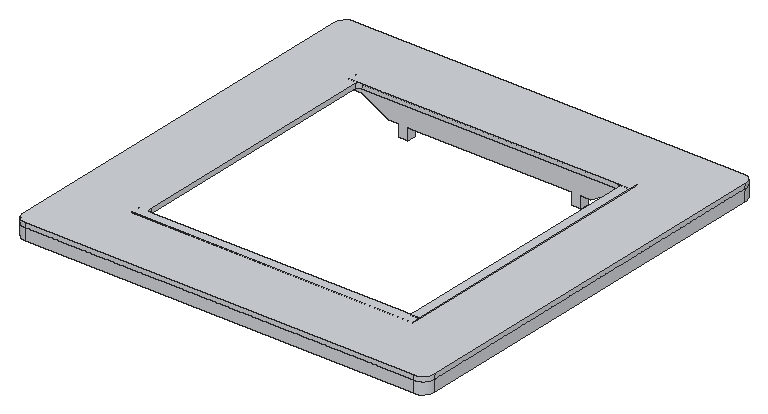
Revit family "Gira_0211235", category Electrical Fixtures, host Face, Revit 2017
Family settings
  Host = Face
  Maintain Annotation Orientation = No
  Round Connector Dimension = Use Diameter
  Part Type = Normal
  Cut with Voids When Loaded = No
  Shared = No
  Room Calculation Point = No
Parameters (values of type "Abdeckrahmen 1f flach Gira E2 Anthrazit")
  Werkstoffgüte = "Thermoplast"
  Werkstoff = "Kunststoff"
  URL = "http://katalog.gira.de/de_DE/datenblatt.html?artikelnr=0211235"
  Transparent = "No"
  Textfeld/Beschriftungsfläche = "No"
  Schutzart (IP) = "IP20"
  Region = "DE"
  Oberfläche = "sonstige"
  Name = "Abdeckrahmen 1f flach Gira E2 Anthrazit"
  Montagerichtung = "horizontal und vertikal"
  Mit Montagerahmen = "No"
  Mit Klappdeckel = "No"
  Manufacturer URL = "https://www.gira.de/"
  Keynote = "E2flach_Rahmen_1fach.stp"
  HeinzeBIM = "https://bimportal.heinze.de/bim/abdeckrahmen-1f-flach-gira-e2-anthrazit/1079c2d752d069c78f8dac03ca772b8203fa82d8"
  Halogenfrei = "Yes"
  HAN = "0211235"
  Geeignet für Unterputz-Installation = "Yes"
  Geeignet für Unterflurkanaldose = "No"
  Geeignet für Geräteeinbaukanal = "No"
  Geeignet für Einbauinstallation = "No"
  GTIN = "4010337021278"
  Farbe = "anthrazit"
  Default Elevation = 1219.2 mm
  Data sheet (1) = "https://katalog.gira.de/de_DE/download.html?artikelnr=0211235"
  Category = "Abdeckrahmen"
  Befestigungsart = "Klemmbefestigung"
  Available = "Yes"
  Anzahl der Einheiten vertikal = "1 "
  Anzahl der Einheiten horizontal = "1 "
  Anzahl der Einheiten = "1 "
Reference planes
  plane 1 "Center (Front/Back)": y = 0
  plane 2: z = 0
  plane 3 "Center (Left/Right)": x = 0
Forms (mm)
  Extrusion 1, solid, detail levels fine
    sketch origin (0, 0, 0) x (1, 0, 0) y (0, 1, 0)
      loop
        arc (-41.4, 43.9) -> (-43.168, 43.168) -> (-43.9, 41.4) r 2.5
        line (-43.9, 41.4) -> (-43.9, -41.4)
        arc (-43.9, -41.4) -> (-43.168, -43.168) -> (-41.4, -43.9) r 2.5
        line (-41.4, -43.9) -> (41.4, -43.9)
        arc (41.4, -43.9) -> (43.168, -43.168) -> (43.9, -41.4) r 2.5
        line (43.9, -41.4) -> (43.9, 41.4)
        arc (43.9, 41.4) -> (43.168, 43.168) -> (41.4, 43.9) r 2.5
        line (41.4, 43.9) -> (-41.4, 43.9)
      loop
        spline (-28.144, -27.245) -> (-28.136, -27.363) -> (-28.113, -27.478) -> (-28.075, -27.589) -> (-28.023, -27.695) -> (-27.958, -27.792) -> (-27.881, -27.881) -> (-27.792, -27.958) -> (-27.695, -28.023) -> (-27.589, -28.075) -> (-27.478, -28.113) -> (-27.363, -28.136) -> (-27.245, -28.144)
        line (-27.245, -28.144) -> (27.245, -28.144)
        spline (27.245, -28.144) -> (27.363, -28.136) -> (27.478, -28.113) -> (27.589, -28.075) -> (27.695, -28.023) -> (27.792, -27.958) -> (27.881, -27.881) -> (27.958, -27.792) -> (28.023, -27.695) -> (28.075, -27.589) -> (28.113, -27.478) -> (28.136, -27.363) -> (28.144, -27.245)
        line (28.144, -27.245) -> (28.144, 27.245)
        spline (28.144, 27.245) -> (28.136, 27.363) -> (28.113, 27.478) -> (28.075, 27.589) -> (28.023, 27.695) -> (27.958, 27.792) -> (27.881, 27.881) -> (27.792, 27.958) -> (27.695, 28.023) -> (27.589, 28.075) -> (27.478, 28.113) -> (27.363, 28.136) -> (27.245, 28.144)
        line (27.245, 28.144) -> (-27.245, 28.144)
        spline (-27.245, 28.144) -> (-27.363, 28.136) -> (-27.478, 28.113) -> (-27.589, 28.075) -> (-27.695, 28.023) -> (-27.792, 27.958) -> (-27.881, 27.881) -> (-27.958, 27.792) -> (-28.023, 27.695) -> (-28.075, 27.589) -> (-28.113, 27.478) -> (-28.136, 27.363) -> (-28.144, 27.245)
        line (-28.144, 27.245) -> (-28.144, -27.245)
    from 2.5 to 3.4
  Extrusion 2, solid, detail levels fine
    sketch origin (0, 0, 0) x (1, 0, 0) y (0, 1, 0)
      loop
        arc (-41.4, 43.9) -> (-43.168, 43.168) -> (-43.9, 41.4) r 2.5
        line (-43.9, 41.4) -> (-43.9, -41.4)
        arc (-43.9, -41.4) -> (-43.168, -43.168) -> (-41.4, -43.9) r 2.5
        line (-41.4, -43.9) -> (41.4, -43.9)
        arc (41.4, -43.9) -> (43.168, -43.168) -> (43.9, -41.4) r 2.5
        line (43.9, -41.4) -> (43.9, 41.4)
        arc (43.9, 41.4) -> (43.168, 43.168) -> (41.4, 43.9) r 2.5
        line (41.4, 43.9) -> (-41.4, 43.9)
      loop
        arc (-41.4, 43.4) -> (-42.814, 42.814) -> (-43.4, 41.4) r 2
        line (-43.4, 41.4) -> (-43.4, -41.4)
        arc (-43.4, -41.4) -> (-42.814, -42.814) -> (-41.4, -43.4) r 2
        line (-41.4, -43.4) -> (41.4, -43.4)
        arc (41.4, -43.4) -> (42.814, -42.814) -> (43.4, -41.4) r 2
        line (43.4, -41.4) -> (43.4, 41.4)
        arc (43.4, 41.4) -> (42.814, 42.814) -> (41.4, 43.4) r 2
        line (41.4, 43.4) -> (-41.4, 43.4)
    from 0 to 2.5
  Extrusion 3, solid, detail levels fine
    sketch origin (0, 0, 0) x (1, 0, 0) y (0, 0, 1)
      loop
        line (-17.5, -4.06) -> (-17.5, -1.56) -> (17.5, -1.56) -> (17.5, -4.06) -> (19.5, -4.06) -> (19.5, -1.56) -> (21.654, -1.56) -> (27.214, 1.65) -> (30, 1.65) -> (30, 3.4) -> (-30, 3.4) -> (-30, 1.65) -> (-27.214, 1.65) -> (-21.654, -1.56) -> (-19.5, -1.56) -> (-19.5, -4.06) -> (-17.5, -4.06)
    from 28.144 to 30
  Extrusion 4, solid, detail levels fine
    sketch origin (0, 0, 0) x (0, -1, 0) y (0, 0, -1)
      loop
        line (-17.5, 4.06) -> (-19.5, 4.06) -> (-19.5, 1.56) -> (-21.654, 1.56) -> (-27.214, -1.65) -> (-28.144, -1.65) -> (-28.144, -3.4) -> (28.144, -3.4) -> (28.144, -1.65) -> (27.214, -1.65) -> (21.654, 1.56) -> (19.5, 1.56) -> (19.5, 4.06) -> (17.5, 4.06) -> (17.5, 1.56) -> (-17.5, 1.56) -> (-17.5, 4.06)
    from 28.144 to 30
  Extrusion 5, solid, detail levels medium
    sketch origin (0, 0, 0) x (0, -1, 0) y (0, 0, 1)
      loop
        line (-17.5, -4.06) -> (-17.5, -1.56) -> (17.5, -1.56) -> (17.5, -4.06) -> (19.5, -4.06) -> (19.5, -1.56) -> (28.144, -1.56) -> (28.144, 3.4) -> (-28.144, 3.4) -> (-28.144, -1.56) -> (-19.5, -1.56) -> (-19.5, -4.06) -> (-17.5, -4.06)
    from 28.144 to 30
  Extrusion 6, solid, detail levels fine
    sketch origin (0, 0, 0) x (1, 0, 0) y (0, 0, -1)
      loop
        line (-17.5, 4.06) -> (-19.5, 4.06) -> (-19.5, 1.56) -> (-21.654, 1.56) -> (-27.214, -1.65) -> (-30, -1.65) -> (-30, -3.4) -> (30, -3.4) -> (30, -1.65) -> (27.214, -1.65) -> (21.654, 1.56) -> (19.5, 1.56) -> (19.5, 4.06) -> (17.5, 4.06) -> (17.5, 1.56) -> (-17.5, 1.56) -> (-17.5, 4.06)
    from 28.144 to 30
  Extrusion 7, solid, detail levels coarse
    sketch origin (0, 0, 0) x (1, 0, 0) y (0, 1, 0)
      loop
        line (-43.9, 43.9) -> (-43.9, -43.9) -> (43.9, -43.9) -> (43.9, 43.9) -> (-43.9, 43.9)
    from -4.06 to 3.4
  Extrusion 8, solid, detail levels medium
    sketch origin (0, 0, 0) x (1, 0, 0) y (0, 1, 0)
      loop
        line (-43.9, 43.9) -> (-43.9, -43.9) -> (43.9, -43.9) -> (43.9, 43.9) -> (-43.9, 43.9)
    from 0 to 3.4
  Extrusion 9, solid, detail levels medium
    sketch origin (0, 0, 0) x (1, 0, 0) y (0, 0, 1)
      loop
        line (-17.5, -4.06) -> (-17.5, -1.56) -> (17.5, -1.56) -> (17.5, -4.06) -> (19.5, -4.06) -> (19.5, -1.56) -> (30, -1.56) -> (30, 3.4) -> (-30, 3.4) -> (-30, -1.56) -> (-19.5, -1.56) -> (-19.5, -4.06) -> (-17.5, -4.06)
    from 28.144 to 30
  Extrusion 10, solid, detail levels medium
    sketch origin (0, 0, 0) x (1, 0, 0) y (0, 0, -1)
      loop
        line (-17.5, 4.06) -> (-19.5, 4.06) -> (-19.5, 1.56) -> (-30, 1.56) -> (-30, -3.4) -> (30, -3.4) -> (30, 1.56) -> (19.5, 1.56) -> (19.5, 4.06) -> (17.5, 4.06) -> (17.5, 1.56) -> (-17.5, 1.56) -> (-17.5, 4.06)
    from 28.144 to 30
  Extrusion 11, solid, detail levels medium
    sketch origin (0, 0, 0) x (0, -1, 0) y (0, 0, -1)
      loop
        line (-17.5, 4.06) -> (-19.5, 4.06) -> (-19.5, 1.56) -> (-28.144, 1.56) -> (-28.144, -3.4) -> (28.144, -3.4) -> (28.144, 1.56) -> (19.5, 1.56) -> (19.5, 4.06) -> (17.5, 4.06) -> (17.5, 1.56) -> (-17.5, 1.56) -> (-17.5, 4.06)
    from 28.144 to 30
Lines and regions (mm)
  reference lines
    curve 1: line (0, 43.9, 0) -> (0, -43.9, 0)
Dimensions and locks
  aligned and locked: plane 2 to host face
  aligned and locked: level to host face
